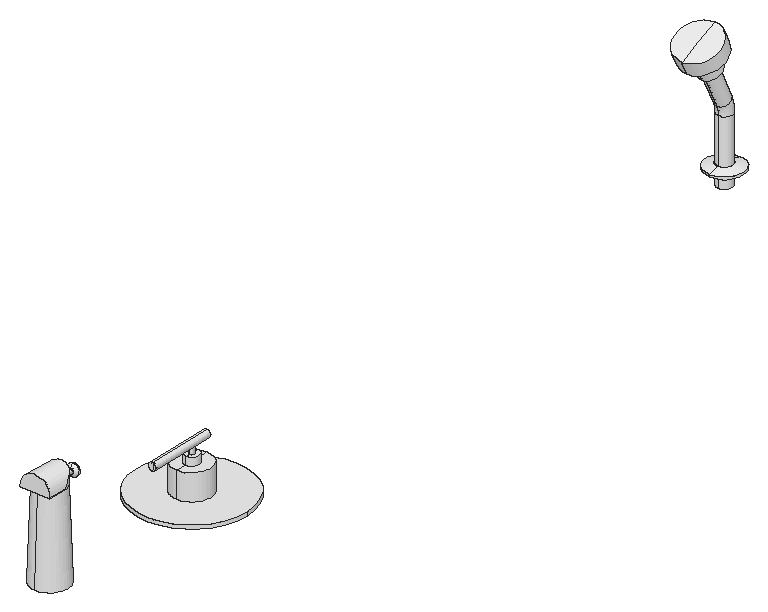
Revit family "Shower_System-Symmons-Dia-Shower-Tub_Spout-Trim", category Plumbing Fixtures, host Face, Revit 2015
Parameters
  z Wide Lever [instance] = if(z Has Wide Lever Handle, 1, 0)  # 0
  z Visibility [instance] = if(z Error, 1 = 0, 1 = 1)  # yes
  z Valve = Shower_System_Valve-Symmons-Dia-Shower-Trim : Rebuild Kit, Chrome
  z Type Model [instance] = if(and(z Has Volume Control, z Has Trim), 5, if(and(z Has Volume Control, or(z Type = 1, z Type = 2)), 6, if(z Has Trim, 2, if(or(z Type = 1, z Type = 2), 3, if(z Has Volume Control, 4, 1)))))  # 3
  z Type Kit = 1
  z Type GPM = 2.5  # constant formula
  z Type Finish = if(or(z Type = 1, z Type = 3), 1, 2)  # 1
  z Type = 1
  z Tub Spout = Faucet-Symmons-Dia-Tub_Spout : Diverter, Chrome
  z Slip On Tub [instance] = if(z Has Slip On Tub Spout, 1, 0)  # 0
  z Showerhead = Showerhead-Symmons-Dia_Single_Mode : Chrome
  z Reverse Core [instance] = if(z Has Reverse Core, 1, 0)  # 0
  z Pipe Radius [instance] = 0.250"  # constant formula
  z Overall Width [instance] = 7.500"  # constant formula
  z Overall Height [instance] = 57.000"  # constant formula
  z Overall Depth [instance] = 9.325"  # constant formula
  z Offset [instance] = 0.000"  # constant formula
  z Integral Service Stops [instance] = if(z Has Integral Service Stops, 1, 0)  # 0
  z Has Wide Lever Handle [instance] = 1 = 0  # no
  z Has Volume Control [instance] = 1 = 0  # no
  z Has Trim = if(z Type Kit = 2, 1 = 1, 1 = 0)  # no
  z Has Slip On Tub Spout [instance] = 1 = 0  # no
  z Has Showerhead [instance] = 1 = 1  # yes
  z Has Reverse Core [instance] = 1 = 0  # no
  z Has Rebuild Kit Trim Only = if(z Type Kit = 1, 1 = 1, 1 = 0)  # yes
  z Has Integral Service Stops [instance] = z Has Reverse Core  # no
  z Has Check Stops [instance] = 1 = 0  # no
  z Has 2.0 GPM Flow Restrictor [instance] = 1 = 0  # no
  z Has 1.5 GPM Flow Restrictor [instance] = 1 = 0  # no
  z Has .5 Inch Female Connections [instance] = 1 = 0  # no
  z GPM Number = 2.5  # constant formula
  z GPM GPM = 1.000 GPM
  z Flow Rate [instance] = if(z Has 2.0 GPM Flow Restrictor, 2, if(z Has 1.5 GPM Flow Restrictor, 1, 0))  # 0
  z Error Box Width [instance] = if(z Error, z Overall Width + 5.000", 0.100")  # 0.100"
  z Error Box Height [instance] = if(z Error, z Overall Height + 5.000", 0.100") / 2  # 0.050"
  z Error Box Depth [instance] = if(z Error, z Overall Depth + 5.000", 0.100")  # 0.100"
  z Error = if(and(z Has Rebuild Kit Trim Only, z Has Trim), 1 = 1, 1 = 0)  # no
  z .5 Inch Female Connections [instance] = if(z Has .5 Inch Female Connections, 1, 0)  # 0
  z  Showerhead [instance] = if(z Has Showerhead, 1, 0)  # 1
  URL = "http://www.symmons.com/"
  Product data url = "https://bimobject.com/symmonsindustries/product/symmons-3502-cyl-b"
  Product Page URL = "http://www.symmons.com/Bathroom-Products/Dia/Symmons-Dia-Tub-Shower-System-3502-CYL-B.aspx"
  Product Material = Chrome - Symmons - Polished
  Product Documentation Link = "http://www.symmons.com/~/media/Files/Symmons/Products/Dia/3502CYLB_Dia_sub.pdf"
  Part Number [instance] = if(z Error, "Error: Rebuild Kit Already Comes With Trim", if(and(z Type = 1, z Has Rebuild Kit Trim Only), "3502-CYL-B-REB-TRM", if(and(z Type = 2, z Has Rebuild Kit Trim Only), "3502-CYL-B-STN-REB-TRM", if(and(z Type = 1, z Has Trim), "3502-CYL-B-TRM", if(and(z Type = 2, z Has Trim), "3502-CYL-B-STN-TRM", if(z Type = 1, "3502-CYL-B", if(z Type = 2, "3502-CYL-B-STN", "Not Available")))))))  # "3502-CYL-B-REB-TRM"
  Part Description [instance] = if(z Error, "Error: Rebuild Kit Already Comes With Trim", if(and(z Type = 1, z Has Rebuild Kit Trim Only), "Tub/Shower Rebuild/Trim, Chrome", if(and(z Type = 2, z Has Rebuild Kit Trim Only), "Tub/Shower Rebuild/Trim, Satin Nickel", if(and(z Type = 1, z Has Trim), "Trim only, mixing valve ordered separately, Chrome", if(and(z Type = 2, z Has Trim), "Trim only, mixing valve ordered separately, Satin Nickel", if(z Type = 1, "Tub/Shower System with Symmons Temptrol mixing valve, Chrome", if(z Type = 2, "Tub/Shower System with Symmons Temptrol mixing valve, Satin Nickel", "Not Available")))))))  # "Tub/Shower Rebuild/Trim, Chrome"
  Model Disclaimer = "Contact Symmons Industries, Inc. For More Information"  # constant formula
  Model = if(z Error, "Error: Rebuild Kit Already Comes With Trim", if(and(z Type = 1, z Has Rebuild Kit Trim Only), "3502-CYL-B-REB-TRM", if(and(z Type = 2, z Has Rebuild Kit Trim Only), "3502-CYL-B-STN-REB-TRM", if(and(z Type = 1, z Has Trim), "3502-CYL-B-TRM", if(and(z Type = 2, z Has Trim), "3502-CYL-B-STN-TRM", if(z Type = 1, "3502-CYL-B", if(z Type = 2, "3502-CYL-B-STN", "Not Available")))))))  # "3502-CYL-B-REB-TRM"
  Manufacturer = "Symmons Industries, Inc."  # constant formula
  Gallons Per Minute = z GPM GPM * z GPM Number  # 2.500 GPM
  Family Version = "1.0"  # constant formula
  Equipment Number [instance] = ""
  Equipment Abbreviation = "TSS"
  Description = if(z Error, "Error: Rebuild Kit Already Comes With Trim", if(and(z Type = 1, z Has Rebuild Kit Trim Only), "Tub/Shower Rebuild/Trim, Chrome", if(and(z Type = 2, z Has Rebuild Kit Trim Only), "Tub/Shower Rebuild/Trim, Satin Nickel", if(and(z Type = 1, z Has Trim), "Trim only, mixing valve ordered separately, Chrome", if(and(z Type = 2, z Has Trim), "Trim only, mixing valve ordered separately, Satin Nickel", if(z Type = 1, "Tub/Shower System with Symmons Temptrol mixing valve, Chrome", if(z Type = 2, "Tub/Shower System with Symmons Temptrol mixing valve, Satin Nickel", "Not Available")))))))  # "Tub/Shower Rebuild/Trim, Chrome"
  Default Elevation = 32.000"  # constant formula
  Date Modified = "January 30, 2015"  # constant formula
  Date Created = "January 30, 2015"  # constant formula
  Copyright = "©2015 Symmons Industries, Inc."  # constant formula
Types (5): name | z Valve | z Type Model | z Type Kit | z Type Finish | z Type | z Tub Spout | z Showerhead | z Has Trim | z Has Rebuild Kit Trim Only | Product Material | Part Number | Part Description | Model | Equipment Abbreviation | Description
  (no name) | Shower_System_Valve-Symmons-Dia-Shower-Trim : Rebuild Kit, Chrome | 3 | 1 | 1 | 1 | Faucet-Symmons-Dia-Tub_Spout : Diverter, Chrome | Showerhead-Symmons-Dia_Single_Mode : Chrome | no | yes | Chrome - Symmons - Polished | "3502-CYL-B-REB-TRM" | "Tub/Shower Rebuild/Trim, Chrome" | "3502-CYL-B-REB-TRM" | "TSS" | "Tub/Shower Rebuild/Trim, Chrome"
  2.5 GPM Flow Restrictor, Trim, Chrome | Shower_System_Valve-Symmons-Dia-Shower-Trim : Trim, Chrome | 2 | 2 | 1 | 1 | Faucet-Symmons-Dia-Tub_Spout : Diverter, Chrome | Showerhead-Symmons-Dia_Single_Mode : Chrome | yes | no | Chrome - Symmons - Polished | "3502-CYL-B-TRM" | "Trim only, mixing valve ordered separately, Chrome" | "3502-CYL-B-TRM" | "TSS" | "Trim only, mixing valve ordered separately, Chrome"
  2.5 GPM Flow Restrictor, Trim, Satin Nickel | Shower_System_Valve-Symmons-Dia-Shower-Trim : Trim, Satin Nickel | 2 | 2 | 2 | 2 | Faucet-Symmons-Dia-Tub_Spout : Diverter, Satin Nickel | Showerhead-Symmons-Dia_Single_Mode : Satin Nickel | yes | no | Nickel - Symmons - Satin | "3502-CYL-B-STN-TRM" | "Trim only, mixing valve ordered separately, Satin Nickel" | "3502-CYL-B-STN-TRM" | "SSV" | "Trim only, mixing valve ordered separately, Satin Nickel"
  2.5 GPM Flow Restrictor, Rebuild Kit, Chrome | Shower_System_Valve-Symmons-Dia-Shower-Trim : Rebuild Kit, Chrome | 3 | 1 | 1 | 1 | Faucet-Symmons-Dia-Tub_Spout : Diverter, Chrome | Showerhead-Symmons-Dia_Single_Mode : Chrome | no | yes | Chrome - Symmons - Polished | "3502-CYL-B-REB-TRM" | "Tub/Shower Rebuild/Trim, Chrome" | "3502-CYL-B-REB-TRM" | "TSS" | "Tub/Shower Rebuild/Trim, Chrome"
  2.5 GPM Flow Restrictor, Rebuild Kit, Satin Nickel | Shower_System_Valve-Symmons-Dia-Shower-Trim : Rebuild Kit, Satin Nickel | 3 | 1 | 2 | 2 | Faucet-Symmons-Dia-Tub_Spout : Diverter, Satin Nickel | Showerhead-Symmons-Dia_Single_Mode : Satin Nickel | no | yes | Nickel - Symmons - Satin | "3502-CYL-B-STN-REB-TRM" | "Tub/Shower Rebuild/Trim, Satin Nickel" | "3502-CYL-B-STN-REB-TRM" | "SSV" | "Tub/Shower Rebuild/Trim, Satin Nickel"
Reference planes (in)
  plane 1 "Center (Front/Back)": y = 0
  plane 2 "Center (Elevation)": z = 0
  plane 3 "Center (Left/Right)": x = 0
  plane 4: x = -3.75
  plane 5: y = 28.5
  plane 6: x = 3.75
  plane 7: z = 0
  plane 8: z = 9.325
  plane 9: y = -12
  plane 10: y = 45
  plane 11: z = 0.1
Dimensions and locks (in)
  equal spacing: plane 4, plane 3 "Center (Left/Right)", plane 6
  "z Overall Width": plane 4 to plane 6
  plane 5 to plane 1 "Center (Front/Back)" = 28.500"
  "z Offset": plane 7 to plane 2 "Center (Elevation)"
  "z Overall Depth": plane 8 to plane 7
  locked: plane 1 "Center (Front/Back)" to plane 9 at 12
  locked: plane 10 to plane 1 "Center (Front/Back)" at 45
  "z Error Box Depth": plane 11 to plane 7
  plane 10 to plane 9 = 57.000"
  aligned and locked: plane 2 "Center (Elevation)" to host face
  aligned and locked: level to host face
  aligned and locked: nested 1 to plane 9
  aligned and locked: plane 3 "Center (Left/Right)" to nested 1
  aligned and locked: nested 2 to plane 10
  aligned and locked: plane 3 "Center (Left/Right)" to nested 2
  aligned and locked: plane 1 "Center (Front/Back)" to nested 3
  aligned and locked: plane 3 "Center (Left/Right)" to nested 3
Automatic sketch dimensions
  host sketch curve to host sketch curve = 7.500"
  host sketch curve to host sketch curve = 66.51414"
Nested families (in)
  nested 1: "Faucet-Symmons-Dia-Tub_Spout" at (0, -12, 0), visible <- "z Visibility", type <- "z Tub Spout", type "Diverter, Chrome"
    with z Radius 0.250", z Overall Width 2.438", z Overall Height 2.438", z Overall Depth 7.000", z Offset 0.000", z Diverter Visibility yes, Part Number "352TS", Part Description "Diverter Tub Spout, Chrome", Equipment Number "", z Type Diverter 1
  nested 2: "Showerhead-Symmons-Dia_Single_Mode" at (0, 45, 0), type <- "z Showerhead", type "Chrome"
    with z Pipe Radius 0.500", z Overall Width 2.500", z Overall Height 2.500", z Overall Depth 7.500", z Offset 1.000", Part Number "352SH-2.0", Part Description "Single Mode Showerhead, 2.0 Flow Rate Restrictor, Chrome", Equipment Number ""
  nested 3: "Shower_System_Valve-Symmons-Dia-Shower-Trim" at (0, 0, 0), type <- "z Valve", type "Rebuild Kit, Chrome"
    with zz Length 9 0.100", zz Length 10 0.100", Part Number "Not Available", Part Description "Not Available", Equipment Number ""
Connectors (in)
  piping at (0, 45, -1), diameter 0.5, driven by "z Pipe Radius", driven by "Gallons Per Minute"
    settings: on nested 2, index 1, connector inside diameter 1/2", connector length 0.000", flow factor 0, pipe flow 2.500 GPM, pressure drop 0.00 psi, fitting loss kfactor 0, connector angle 0.000°, fixture units 0, engagement length 0.000", angle of deflection 0.000°, flow configuration 0, flow direction 1, fitting loss method 0, system type 29, joint type 0, gender type 0, connector reference index -1, connector utility 0, adjustable connector no, is connector primary yes, connector description "Showerhead Water Supply"
  piping at (0, -12, 5.875), diameter 0.5, driven by "Gallons Per Minute", driven by "z Pipe Radius"
    settings: on nested 1, index 2, connector inside diameter 1/2", connector length 0.000", flow factor 0, pipe flow 2.500 GPM, pressure drop 0.00 psi, fitting loss kfactor 0, connector angle 0.000°, fixture units 0, engagement length 0.000", angle of deflection 0.000°, flow configuration 0, flow direction 1, fitting loss method 0, system type 29, joint type 0, gender type 0, connector reference index -1, connector utility 0, adjustable connector no, is connector primary no, connector description "Tub Spout Supply"
Definition of nested family "Faucet-Symmons-Dia-Tub_Spout"
  Parameters
    z Type Diverter = 0
    z Type = 1
    z Radius [instance] = 0.250"  # constant formula
    z Overall Width [instance] = 2.438"  # constant formula
    z Overall Height [instance] = 2.438"  # constant formula
    z Overall Depth [instance] = 7.000"  # constant formula
    z Offset [instance] = 0.000"  # constant formula
    z Diverter Visibility [instance] = z Type Diverter = 1  # no
    URL = "http://www.symmons.com/"
    Product Page URL = "http://www.symmons.com/Bathroom-Products/Symmons/Symmons-Tub-Spout-067.aspx"
    Product Material = none
    Product Documentation Link = "http://www.symmons.com/~/media/Files/Symmons/Products/Symmons/067_TubSpout_sub.pdf"
    Part Number [instance] = if(and(z Type = 1, z Type Diverter = 0), "067", if(and(z Type = 2, z Type Diverter = 0), "067-STN", if(and(z Type = 1, z Type Diverter = 1), "352TS", if(and(z Type = 2, z Type Diverter = 1), "352TS-STN", "Not Available"))))  # "067"
    Part Description [instance] = if(and(z Type = 1, z Type Diverter = 0), "Tub Spout, Chrome", if(and(z Type = 2, z Type Diverter = 0), "Tub Spout, Satin Nickel", if(and(z Type = 1, z Type Diverter = 1), "Diverter Tub Spout, Chrome", if(and(z Type = 2, z Type Diverter = 1), "Diverter Tub Spout, Satin Nickel", "Not Available"))))  # "Tub Spout, Chrome"
    Model Disclaimer = "Contact Symmons Industries, Inc. For More Information"  # constant formula
    Model = "See Part Number "  # constant formula
    Manufacturer = "Symmons Industries, Inc."  # constant formula
    Family Version = "1.0"  # constant formula
    Equipment Number [instance] = ""
    Equipment Abbreviation = "DTS"
    Description = "See Part Description"  # constant formula
    Default Elevation = 20.000"  # constant formula
    Date Modified = "January 30, 2015"  # constant formula
    Date Created = "January 30, 2015"  # constant formula
    Copyright = "©2015 Symmons Industries, Inc."  # constant formula
  Reference planes (in)
    plane 1 "Center (Front/Back)": y = 0
    plane 2 "Center (Elevation)": z = 0
    plane 3 "Center (Left/Right)": x = 0
    plane 4 "Left": x = -1.219
    plane 5 "Top": y = 1.219
    plane 6 "Bottom": y = -1.219
    plane 7 "Right": x = 1.219
    plane 8: z = 0
    plane 9 "Front": z = 7
    plane 10: z = 6.25
    plane 11: z = 5.875
    plane 12: z = 5.375
  Forms (in)
    Extrusion 1, solid
      sketch origin (0, 0, 0) x (1, 0, 0) y (0, 1, 0)
        loop
          line (-12, 12) -> (-12, -12) -> (12, -12) -> (12, 12) -> (-12, 12)
      from 0 to -1
    SweptBlend 2, solid, material <- "Product Material"
      path origin (0, 0, 0) x (0, 1, 0) y (0, 0, 1)
        loop
          line (0, 0) -> (0, 6.25)
      profile origin (0, 0, 0) x (0, -1, 0) y (1, 0, 0)
        loop
          circle (0, 0) r 1.219
      end profile origin (0, 0, 6.25) x (0, -1, 0) y (1, 0, 0)
        loop
          circle (0, 0) r 1
    Extrusion 3, solid, material <- "Product Material"
      sketch origin (0, 0, 0) x (0, 1, 0) y (0, 0, 1)
        loop
          line (-1.219, 7) -> (-1.219, 5.875) -> (1.219, 5.875) -> (1.219, 7) -> (-1.219, 7)
      from -1.219 to 1.219
    Extrusion 4, void
      sketch origin (0, 0, 0) x (1, 0, 0) y (0, 1, 0)
        loop
          line (-1.01314, 0) -> (-1.01314, -1.25) -> (1.01314, -1.25) -> (1.01314, 0)
          arc (1.01314, 0) -> (0.7164, 0.7164) -> (0, 1.01314) r 1.01314
          arc (0, 1.01314) -> (-0.7164, 0.7164) -> (-1.01314, 0) r 1.01314
        loop
          line (-1.94867, 1.48095) -> (-1.94867, -1.81086) -> (2.0856, -1.81086) -> (2.0856, 1.48095) -> (-1.94867, 1.48095)
      from 0 to 7
    Blend 5, void
      base sketch origin (0, 0, 0) x (1, 0, 0) y (0, 0, 1)
        loop
          arc (-1.01314, 5.97492) -> (0, 6.98806) -> (1.01314, 5.97492) r 1.01314
          line (1.01314, 5.97492) -> (1.219, 5.97492) -> (1.219, 7.22492) -> (-1.219, 7.22492) -> (-1.219, 5.97492) -> (-1.01314, 5.97492)
      top sketch origin (0, 0, 0) x (1, 0, 0) y (0, 0, 1)
        loop
          arc (-1.01314, 5.875) -> (0, 6.88814) -> (1.01314, 5.875) r 1.01314
          line (1.01314, 5.875) -> (1.32482, 5.875) -> (1.32482, 7.44919) -> (-1.32829, 7.44919) -> (-1.32829, 5.875) -> (-1.01314, 5.875)
      from 1.25 to -1.219
    Extrusion 6, void
      sketch origin (0, 0, 0) x (1, 0, 0) y (0, 1, 0)
        loop
          circle (0, 0) r 0.95
      from 0 to 5.875
    Extrusion 7, solid, material <- "Product Material", not visible, detail levels medium
      sketch origin (0, 0, 0) x (1, 0, 0) y (0, 1, 0)
        loop
          circle (0, 0) r 0.25
      from 5.375 to 5.875
    Revolve 8, solid, material <- "Product Material", visible <- "z Diverter Visibility"
      sketch origin (0, 0, 0) x (0, 1, 0) y (0, 0, 1)
        loop
          line (0, 5.875) -> (2.15804, 5.875)
          arc (2.15804, 5.875) -> (2.1489, 6.05368) -> (2.09464, 6.22416) r 0.69786
          arc (2.09464, 6.22416) -> (2.04241, 6.27062) -> (1.97277, 6.26454) r 0.08828
          arc (1.97277, 6.26454) -> (1.86354, 6.18526) -> (1.77914, 6.07992) r 0.50619
          arc (1.77914, 6.07992) -> (1.76476, 6.04125) -> (1.76539, 6) r 0.11172
          line (1.76539, 6) -> (0, 6) -> (0, 5.875)
        axis (0, 5.875) -> (2.15804, 5.875)
      angle from 0 to 360
  Cuts and joins
    Blend 5, Extrusion 6 cuts SweptBlend 2
    Extrusion 4, Blend 5 cuts Extrusion 3
    joined: SweptBlend 2, Extrusion 3
  Lines and regions (in)
    Masking region 1
      outline origin (0, 0, 0) x (1, 0, 0) y (0, 0, 1)
        loop
          line (-1.01319, 5.99165) -> (-1.219, 0) -> (1.219, 0) -> (1.01319, 5.97989)
          arc (1.01319, 5.97989) -> (0.00588, 6.99845) -> (-1.01319, 5.99165) r 1.01321
    Masking region 2, visible <- "z Diverter Visibility", detail levels fine
      outline origin (-60, 1.219, 48) x (-1, 0, 0) y (0, 0, 1)
        loop
          circle (-60, -42.125) r 0.41547
  Dimensions and locks (in)
    equal spacing: plane 4 "Left", plane 3 "Center (Left/Right)", plane 7 "Right"
    "z Overall Width": plane 4 "Left" to plane 7 "Right"
    equal spacing: plane 5 "Top", plane 1 "Center (Front/Back)", plane 6 "Bottom"
    "z Overall Height": plane 5 "Top" to plane 6 "Bottom"
    "z Offset": plane 8 to plane 2 "Center (Elevation)"
    "z Overall Depth": plane 9 "Front" to plane 8
    locked: plane 9 "Front" to plane 10 at 0.75
    locked: Extrusion 3 sketch curve to plane 9 "Front" at 1.125
    locked: plane 11 to plane 8 at 5.875
    locked: plane 11 to plane 12 at 0.5
    Revolve 8 sketch curve to plane 11 to Revolve 8 sketch curve to Revolve 8 sketch curve to Revolve 8 sketch curve to Revolve 8 sketch curve = 0.0561" locked, 0.05401" locked, 0.07099" locked, 0.02231" locked, 0.16451" locked
    locked: Masking region 1 sketch curve to plane 11 at 0.11026
    locked: Masking region 1 sketch curve to plane 3 "Center (Left/Right)" at 1.01319
    locked: plane 3 "Center (Left/Right)" to Masking region 1 sketch curve at 1.01319
    locked: plane 9 "Front" to Masking region 1 sketch curve at 1.02011
    locked: plane 9 "Front" to Masking region 1 sketch curve at 1.00835
    radius of Masking region 2 sketch curve = 0.41547"
    aligned and locked: plane 2 "Center (Elevation)" to Extrusion 1
    aligned and locked: level to Extrusion 1
    aligned and locked: plane 1 "Center (Front/Back)" to SweptBlend 2 sketch curve  (x2)
    aligned and locked: plane 3 "Center (Left/Right)" to SweptBlend 2 sketch curve  (x2)
    aligned and locked: plane 10 to SweptBlend 2 sketch curve
    aligned and locked: SweptBlend 2 sketch curve to plane 1 "Center (Front/Back)"
    aligned and locked: plane 7 "Right" to Extrusion 3
    aligned and locked: Extrusion 3 to plane 4 "Left"
    aligned and locked: plane 9 "Front" to Extrusion 4
    aligned and locked: Extrusion 4 to plane 8
    aligned and locked: plane 9 "Front" to Extrusion 3 sketch curve
    aligned and locked: cut or joined group of SweptBlend 2, Extrusion 3, Extrusion 4, Blend 5, Extrusion 6 to plane 6 "Bottom"
    aligned and locked: plane 5 "Top" to Extrusion 3
    aligned and locked: plane 5 "Top" to Blend 5
    aligned and locked: plane 1 "Center (Front/Back)" to Extrusion 6 sketch curve
    aligned and locked: plane 3 "Center (Left/Right)" to Extrusion 6 sketch curve
    aligned and locked: Extrusion 6 to plane 8
    aligned and locked: plane 11 to Extrusion 6
    aligned and locked: plane 1 "Center (Front/Back)" to Extrusion 7 sketch curve
    aligned and locked: plane 3 "Center (Left/Right)" to Extrusion 7 sketch curve
    aligned and locked: plane 11 to Extrusion 7
    aligned and locked: Extrusion 7 to plane 12
    aligned and locked: Revolve 8 sketch curve to plane 11
    aligned and locked: plane 11 to Revolve 8 sketch curve
    aligned and locked: Revolve 8 sketch curve to plane 1 "Center (Front/Back)"
    aligned and locked: plane 8 to Masking region 1 sketch curve
    aligned and locked: Masking region 1 sketch curve to plane 8
    aligned and locked: plane 11 to Masking region 2 sketch curve
    aligned and locked: plane 3 "Center (Left/Right)" to Masking region 2 sketch curve
  Automatic sketch dimensions
    Extrusion 1 sketch curve to Extrusion 1 sketch curve = 24.000"  (x2)
    SweptBlend 2 sketch curve to plane 8 = 0.000"
    Extrusion 4 sketch curve to Extrusion 4 sketch curve = 0.000"  (x2)
    plane 1 "Center (Front/Back)" to Extrusion 4 sketch curve = 0.000"
    Extrusion 4 sketch curve to plane 3 "Center (Left/Right)" = 0.000"
    plane 4 "Left" to Extrusion 4 sketch curve = 0.20586"
    Extrusion 4 sketch curve to plane 4 "Left" = 0.72967"
    plane 7 "Right" to Extrusion 4 sketch curve = 0.8666"
    plane 1 "Center (Front/Back)" to Extrusion 4 sketch curve = 1.250"
    Extrusion 4 sketch curve to Extrusion 4 sketch curve = 0.56086"
    Extrusion 4 sketch curve to plane 1 "Center (Front/Back)" = 1.48095"
    Blend 5 sketch curve to plane 4 "Left" = 0.000"
    Blend 5 sketch curve to plane 3 "Center (Left/Right)" = 0.000"  (x2)
    Blend 5 sketch curve to plane 7 "Right" = 0.000"
    plane 4 "Left" to Blend 5 sketch curve = 0.20586"  (x2)
    Blend 5 sketch curve to plane 9 "Front" = 1.02508"
    plane 9 "Front" to Blend 5 sketch curve = 0.22492"
    Blend 5 sketch curve to plane 4 "Left" = 0.10929"
    plane 7 "Right" to Blend 5 sketch curve = 0.10582"
    Blend 5 sketch curve to plane 9 "Front" = 1.125"
    plane 9 "Front" to Blend 5 sketch curve = 0.44919"
    plane 1 "Center (Front/Back)" to Extrusion 3 sketch curve = 1.219"
    Extrusion 3 sketch curve to plane 1 "Center (Front/Back)" = 1.219"
    Revolve 8 sketch curve to plane 6 "Bottom" = 2.250"
    plane 5 "Top" to Revolve 8 sketch curve = 0.24327"
    Revolve 8 sketch curve to Revolve 8 sketch curve = 0.30312"
    Revolve 8 sketch curve to Revolve 8 sketch curve = 0.01375"
    Revolve 8 sketch curve to Revolve 8 sketch curve = 0.000"  (x3)
    Revolve 8 sketch curve to Revolve 8 sketch curve = 0.09572"
    Revolve 8 sketch curve to Revolve 8 sketch curve = 0.09792"
    Revolve 8 sketch curve to Revolve 8 sketch curve = 4.31816"
    Masking region 1 sketch curve to plane 4 "Left" = 0.000"
    Masking region 1 sketch curve to plane 7 "Right" = 0.000"
    radius of SweptBlend 2 sketch curve = 1.219"
    radius of SweptBlend 2 sketch curve = 1.000"
    radius of Extrusion 6 sketch curve = 0.950"
    radius of Extrusion 7 sketch curve = 0.250"
  Connectors (in)
    piping at (0, 0, 5.375), diameter 0.5, driven by "z Radius"
      settings: on Extrusion 7, index 1, connector inside diameter 1/2", connector length 0.000", flow factor 0, pipe flow 0.000 GPM, pressure drop 0.00 psi, fitting loss kfactor 0, connector angle 0.000°, fixture units 0, engagement length 0.000", angle of deflection 0.000°, flow configuration 0, flow direction 0, fitting loss method 0, system type 20, joint type 0, gender type 0, connector reference index -1, connector utility 0, adjustable connector no, is connector primary yes, connector description "Water Supply"
Definition of nested family "Showerhead-Symmons-Dia_Single_Mode"
  Parameters
    z Type GPM = 2
    z Type Flow Restrictor = 1
    z Type Finish = 1
    z Pipe Radius [instance] = 0.500"  # constant formula
    z Overall Width [instance] = 2.500"  # constant formula
    z Overall Height [instance] = 2.500"  # constant formula
    z Overall Depth [instance] = 7.500"  # constant formula
    z Offset [instance] = 1.000"  # constant formula
    z GPM Number = z Type GPM  # 2
    z GPM GPM = 1.000 GPM
    URL = "http://www.symmons.com/"
    Product Page URL = "http://www.symmons.com/Bathroom-Products/Duro/Symmons-Duro-Showerhead-362SH.aspx"
    Product Material = none
    Product Documentation Link = ""
    Part Number [instance] = Model  # "352SH-2.0"
    Part Description [instance] = Description  # "Single Mode Showerhead, 2.0 Flow Rate Restrictor, Chrome"
    Model Disclaimer = "Contact Symmons Industries, Inc. For More Information"  # constant formula
    Model = if(and(z Type Finish = 1, z Type Flow Restrictor = 1), "352SH-2.0", if(and(z Type Finish = 2, z Type Flow Restrictor = 1), "352SH-STN-2.0", if(and(z Type Finish = 3, z Type Flow Restrictor = 0), "352SH", if(and(z Type Finish = 4, z Type Flow Restrictor = 0), "352SH-STN", "Not Available"))))  # "352SH-2.0"
    Manufacturer = "Symmons Industries, Inc."  # constant formula
    Gallons Per Minute = z GPM GPM * z GPM Number  # 2.000 GPM
    Family Version = "1.0"  # constant formula
    Equipment Number [instance] = ""
    Equipment Abbreviation = "SH"
    Description = if(and(z Type Finish = 1, z Type Flow Restrictor = 1), "Single Mode Showerhead, 2.0 Flow Rate Restrictor, Chrome", if(and(z Type Finish = 2, z Type Flow Restrictor = 1), "Single Mode Showerhead, 2.0 Flow Rate Restrictor, Satin Nickel", if(and(z Type Finish = 3, z Type Flow Restrictor = 0), "Single Mode Showerhead, Chrome", if(and(z Type Finish = 4, z Type Flow Restrictor = 0), "Single Mode Showerhead, Satin Nickel", "Not Available"))))  # "Single Mode Showerhead, 2.0 Flow Rate Restrictor, Chrome"
    Default Elevation = 77.000"  # constant formula
    Date Modified = "January 30, 2015"  # constant formula
    Date Created = "January 30, 2015"  # constant formula
    Copyright = "©2015 Symmons Industries, Inc."  # constant formula
  Reference planes (in)
    plane 1 "Center (Front/Back)": y = 0
    plane 2 "Center (Elevation)": z = 0
    plane 3 "Center (Left/Right)": x = 0
    plane 4: x = -1.25
    plane 5: y = 1.25
    plane 6: y = -1.25
    plane 7: x = 1.25
    plane 8: z = -1
    plane 9: z = 6.5
    plane 10: z = 0
    plane 11: y = -0.5
    plane 12: z = 0.33234
    plane 13: z = 0.15
    plane 14: y = -0.5695
  Forms (in)
    Extrusion 1, solid
      sketch origin (0, 0, 0) x (1, 0, 0) y (0, 1, 0)
        loop
          line (-12, 12) -> (-12, -12) -> (12, -12) -> (12, 12) -> (-12, 12)
      from 0 to -1
    Revolve 2, solid, material <- "Product Material"
      sketch origin (0, 0, 0) x (0, 1, 0) y (0, 0, 1)
        loop
          line (-0.5, -1) -> (0, -1) -> (0, 0.33234) -> (-0.5695, 0.33234) -> (-1.25, 0.15) -> (-1.25, 0) -> (-0.5, 0) -> (-0.5, -1)
        axis (0, -1) -> (0, 0.33234)
      angle from 0 to 360
    Sweep 3, solid, material <- "Product Material"
      path origin (0, 0, 0) x (0, 1, 0) y (0, 0, 1)
        loop
          line (0, 0.33234) -> (0, 3.38992)
          arc (0, 3.38992) -> (-0.04792, 3.8251) -> (-0.18938, 4.23943) r 2
          line (-0.18938, 4.23943) -> (-1.25, 6.5)
      profile origin (0, 0, 1.86113) x (0, -1, 0) y (1, 0, 0)
        loop
          circle (0, 0) r 0.5
    Revolve 4, solid, material <- "Product Material"
      sketch origin (0, 0, 0) x (0, 1, 0) y (0, 0, 1)
        loop
          line (-1.25, 6.5) -> (-2.22949, 8.58767) -> (-3.58746, 7.95053) -> (-3.17663, 7.07491) -> (-2.24755, 6.86042) -> (-1.92898, 6.18143) -> (-1.25, 6.5)
        axis (-1.25, 6.5) -> (-2.22949, 8.58767)
      angle from 0 to 360
  Cuts and joins
    joined: Revolve 2, Sweep 3
  Lines and regions (in)
    Masking region 1
      outline origin (0, 0, 0) x (1, 0, 0) y (0, 0, 1)
        loop
          line (-1.25, 0) -> (-0.5, 0) -> (-0.5, -1) -> (0.5, -1) -> (0.5, 0) -> (1.25, 0) -> (1.25, 0.14959) -> (0.5695, 0.33234) -> (0.5, 0.33234) -> (0.5, 6.26256)
          spline (0.5, 6.26256) -> (0.53792, 6.27801) -> (0.5732, 6.29456) -> (0.60567, 6.31211) -> (0.63516, 6.33059) -> (0.66153, 6.3499) -> (0.68465, 6.36995) -> (0.70441, 6.39063) -> (0.72072, 6.41185) -> (0.73348, 6.43351) -> (0.74264, 6.45549) -> (0.74816, 6.47769) -> (0.75, 6.5)
          line (0.75, 6.5) -> (0.75, 7.07479) -> (1.25, 7.36347) -> (1.49591, 7.60938) -> (1.49591, 8.60938)
          spline (1.49591, 8.60938) -> (1.44494, 8.76866) -> (1.2955, 8.91709) -> (1.05777, 9.04454) -> (0.74795, 9.14235) -> (0.38717, 9.20383) -> (0, 9.2248) -> (-0.38717, 9.20383) -> (-0.74795, 9.14235) -> (-1.05777, 9.04454) -> (-1.2955, 8.91709) -> (-1.44494, 8.76866) -> (-1.49591, 8.60938)
          line (-1.49591, 8.60938) -> (-1.49591, 7.60938) -> (-1.25, 7.36347) -> (-0.75, 7.07479) -> (-0.75, 6.5)
          spline (-0.75, 6.5) -> (-0.74816, 6.47769) -> (-0.74264, 6.45549) -> (-0.73348, 6.43351) -> (-0.72072, 6.41185) -> (-0.70441, 6.39063) -> (-0.68465, 6.36995) -> (-0.66153, 6.3499) -> (-0.63516, 6.33059) -> (-0.60567, 6.31211) -> (-0.5732, 6.29456) -> (-0.53792, 6.27801) -> (-0.5, 6.26256)
          line (-0.5, 6.26256) -> (-0.5, 0.33234) -> (-0.5695, 0.33234) -> (-1.25, 0.14959) -> (-1.25, 0)
    symbolic lines, detail levels fine
      curve 1: line (-0.5, 0, 0.33234) -> (0.5, 0, 0.33234)
      curve 2: line (-1.25, 0, 0.14959) -> (1.25, 0, 0.14959)
      curve 3: spline (-0.5, 0, 6.26256) -> (-0.67885, 0, 6.36457) -> (-0.74948, 0, 6.48818) -> (-0.70063, 0, 6.61367) -> (-0.54008, 0, 6.72104) -> (-0.29343, 0, 6.79317) -> (0, 0, 6.81857) -> (0.29343, 0, 6.79317) -> (0.54008, 0, 6.72104) -> (0.70063, 0, 6.61367) -> (0.74948, 0, 6.48818) -> (0.67885, 0, 6.36457) -> (0.5, 0, 6.26256)
      curve 4: spline (-1.49591, 1.25, 7.60938) -> (-1.44494, 1.25, 7.80085) -> (-1.2955, 1.25, 7.97927) -> (-1.05777, 1.25, 8.13249) -> (-0.74795, 1.25, 8.25006) -> (-0.38717, 1.25, 8.32397) -> (0, 1.25, 8.34917) -> (0.38717, 1.25, 8.32397) -> (0.74795, 1.25, 8.25006) -> (1.05777, 1.25, 8.13249) -> (1.2955, 1.25, 7.97927) -> (1.44494, 1.25, 7.80085) -> (1.49591, 1.25, 7.60938)
      curve 5: spline (-0.5, 1.25, 6.5) -> (-0.48296, 1.25, 6.55497) -> (-0.43301, 1.25, 6.60619) -> (-0.35355, 1.25, 6.65017) -> (-0.25, 1.25, 6.68392) -> (-0.12941, 1.25, 6.70514) -> (0, 1.25, 6.71238) -> (0.12941, 1.25, 6.70514) -> (0.25, 1.25, 6.68392) -> (0.35355, 1.25, 6.65017) -> (0.43301, 1.25, 6.60619) -> (0.48296, 1.25, 6.55497) -> (0.5, 1.25, 6.5)
      curve 6: line (-0.5, 1.25, 6.5) -> (-0.5, 1.25, 6.26256)
      curve 7: line (0.5, 1.25, 6.5) -> (0.5, 1.25, 6.26256)
  Dimensions and locks (in)
    equal spacing: plane 4, plane 3 "Center (Left/Right)", plane 7
    "z Overall Width": plane 4 to plane 7
    equal spacing: plane 5, plane 1 "Center (Front/Back)", plane 6
    "z Overall Height": plane 5 to plane 6
    "z Overall Depth": plane 9 to plane 8
    plane 12 to plane 13 to plane 10 to plane 8 = 0.18234" locked, 0.150" locked, 1.000" locked
    plane 6 to plane 14 to plane 11 = 0.6805" locked, 0.0695" locked
    plane 9 to Revolve 4 sketch curve to Revolve 4 sketch curve to Revolve 4 sketch curve to Revolve 4 sketch curve = 0.53094" locked, 0.750" locked, 0.58882" locked, 0.96721" locked
    "z Offset": plane 2 "Center (Elevation)" to plane 8
    Masking region 1 sketch curve to Masking region 1 sketch curve to Masking region 1 sketch curve to Masking region 1 sketch curve to Masking region 1 sketch curve to plane 3 "Center (Left/Right)" to Masking region 1 sketch curve to Masking region 1 sketch curve to Masking region 1 sketch curve to Masking region 1 sketch curve to Masking region 1 sketch curve = 0.74591" locked, 0.1805" locked, 0.0695" locked, 0.000" locked, 0.500" locked, 0.500" locked, 0.000" locked, 0.0695" locked, 0.1805" locked, 0.74591" locked
    Masking region 1 sketch curve to Masking region 1 sketch curve to plane 2 "Center (Elevation)" = 0.000" locked, 0.33234" locked
    plane 9 to Revolve 4 sketch curve to Revolve 4 sketch curve = 1.13164" locked, 0.750" locked
    locked: Revolve 4 sketch curve to Revolve 4 sketch curve at 1.5
    locked: curve 2 to plane 8 at 1.14959
    equal spacing: curve 1, plane 3 "Center (Left/Right)", curve 1
    locked: curve 1 to curve 1 at 1
    locked: curve 1 to plane 8 at 1.33234
    equal spacing: curve 3, plane 3 "Center (Left/Right)", curve 3
    locked: curve 3 to curve 3 at 1
    locked: curve 4 to plane 9 at 1.10938
    equal spacing: curve 4, plane 3 "Center (Left/Right)", curve 4
    locked: curve 4 to curve 4 at 2.99182
    curve 4 to curve 4 to plane 9 = 0.000" locked, 1.10938" locked
    Masking region 1 sketch curve to plane 9 to Masking region 1 sketch curve to Masking region 1 sketch curve to Masking region 1 sketch curve = 0.000" locked, 0.000" locked, 0.23744" locked, 0.000" locked
    plane 9 to curve 6 to curve 7 = 0.23744" locked, 0.000" locked
    aligned and locked: plane 2 "Center (Elevation)" to Extrusion 1
    aligned and locked: level to Extrusion 1
    aligned and locked: Revolve 2 sketch curve to plane 1 "Center (Front/Back)"  (x2)
    aligned and locked: plane 10 to Revolve 2 sketch curve
    aligned and locked: plane 6 to Revolve 2 sketch curve  (x2)
    aligned and locked: Revolve 2 sketch curve to plane 12
    aligned and locked: Revolve 2 sketch curve to plane 8
    aligned and locked: Revolve 2 sketch curve to plane 11
    aligned and locked: plane 13 to Revolve 2 sketch curve
    aligned and locked: Revolve 2 sketch curve to plane 14
    aligned and locked: plane 1 "Center (Front/Back)" to Sweep 3 sketch curve
    aligned and locked: plane 3 "Center (Left/Right)" to Sweep 3 sketch curve
    aligned and locked: Masking region 1 sketch curve to plane 8
    aligned and locked: Masking region 1 sketch curve to plane 2 "Center (Elevation)"  (x2)
    aligned and locked: plane 7 to curve 2
    aligned and locked: plane 4 to curve 2
    aligned and locked: plane 9 to Masking region 1 sketch curve  (x2)
    aligned and locked: plane 3 "Center (Left/Right)" to Masking region 1 sketch curve  (x2)
    aligned and locked: plane 9 to curve 5  (x2)
    aligned and locked: plane 3 "Center (Left/Right)" to curve 5
    aligned and locked: plane 9 to curve 6
  Automatic sketch dimensions
    Extrusion 1 sketch curve to Extrusion 1 sketch curve = 24.000"  (x2)
    Revolve 2 sketch curve to level = 24.000"
    plane 9 to Revolve 2 sketch curve = 79.77586"
    Sweep 3 sketch curve to plane 6 = 0.000"
    Sweep 3 sketch curve to plane 1 "Center (Front/Back)" = 0.000"
    Sweep 3 sketch curve to plane 9 = 0.000"
    Sweep 3 sketch curve to plane 6 = 0.750"
    plane 1 "Center (Front/Back)" to Sweep 3 sketch curve = 0.18938"
    Sweep 3 sketch curve to plane 9 = 2.26057"
    plane 8 to Sweep 3 sketch curve = 1.33234"
    Revolve 4 sketch curve to plane 6 = 0.000"
    Revolve 4 sketch curve to plane 9 = 0.000"  (x2)
    Revolve 4 sketch curve to plane 6 = 1.80521"
    Revolve 4 sketch curve to Revolve 4 sketch curve = 1.7599"
    Masking region 1 sketch curve to plane 4 = 0.000"  (x2)
    Masking region 1 sketch curve to plane 7 = 0.000"  (x2)
    Masking region 1 sketch curve to Masking region 1 sketch curve = 0.14959"  (x2)
    Masking region 1 sketch curve to Masking region 1 sketch curve = 0.57479"  (x2)
    Masking region 1 sketch curve to Masking region 1 sketch curve = 0.28868"  (x2)
    Masking region 1 sketch curve to Masking region 1 sketch curve = 0.24591"  (x2)
    Masking region 1 sketch curve to Masking region 1 sketch curve = 1.000"
    curve 3 to plane 9 = 0.000"
    curve 3 to plane 3 "Center (Left/Right)" = 0.000"
    curve 3 to curve 3 = 0.250"
    curve 5 to curve 5 = 0.500"
    curve 3 to plane 9 = 0.23744"
    radius of Sweep 3 sketch curve = 0.500"
  Connectors (in)
    piping at (0, 0, -1), diameter 1, driven by "z Pipe Radius", driven by "Gallons Per Minute"
      settings: on Revolve 2, index 1, connector inside diameter 1", connector length 0.000", flow factor 0, pipe flow 2.000 GPM, pressure drop 0.00 psi, fitting loss kfactor 0, connector angle 0.000°, fixture units 0, engagement length 0.000", angle of deflection 0.000°, flow configuration 0, flow direction 1, fitting loss method 0, system type 22, joint type 0, gender type 0, connector reference index -1, connector utility 0, adjustable connector no, is connector primary yes, connector description "Shower Head Water Supply"
Definition of nested family "Shower_System_Valve-Symmons-Dia-Shower-Trim"
  Parameters
    zz Text 2 = "None Selected"
    zz Text 1 = "Rebuild Kit Trim Only"
    zz Length 9 [instance] = 0.100"
    zz Length 10 [instance] = 0.100"
    zz Integer 12 = 1
    URL = "http://www.symmons.com/"
    Product Page URL = "http://www.symmons.com/Bathroom-Products/Dia/Symmons-Dia-Shower-Valve-3500-CYL-B.aspx"
    Product Material = none
    Product Documentation Link = "http://www.symmons.com/~/media/Files/Symmons/Products/Dia/3500CYL_Dia_sub.pdf"
    Part Number [instance] = "3500-CYL-B-REB-TRM"
    Part Description [instance] = "Rebuild kit, Trim only, Chrome"
    Model Disclaimer = "Contact Symmons Industries, Inc. For More Information"  # constant formula
    Model = "See Part Number"  # constant formula
    Manufacturer = "Symmons Industries, Inc."  # constant formula
    Family Version = "1.0"  # constant formula
    Equipment Number [instance] = ""
    Equipment Abbreviation = "SVS"
    Description = "See Part Description"  # constant formula
    Default Elevation = 32.000"  # constant formula
    Date Modified = "January 30, 2015"  # constant formula
    Date Created = "January 30, 2015"  # constant formula
    Copyright = "©2015 Symmons Industries, Inc."  # constant formula
  Reference planes (in)
    plane 1 "Center (Front/Back)": y = 0
    plane 2 "Center (Elevation)": z = 0
    plane 3 "Center (Left/Right)": x = 0
    plane 4: x = -3.75
    plane 5: y = 3.75
    plane 6: y = -3.75
    plane 7: x = 3.75
    plane 8: z = -3.5
    plane 9: z = 3.375
    plane 10: z = 0
    plane 11: z = 0.25
    plane 12: x = 0.28006
    plane 13: x = -0.28006
    plane 14: z = -2.375
    plane 15: y = -5.75
    plane 16: x = -0.05
    plane 17: y = 0.05
    plane 18: x = 0.05
    plane 19: y = -0.05
    plane 20: z = 0.1
    plane 21: z = 2.875
    plane 22: z = 2.5
    plane 23: z = 2
    plane 24: z = -1.30783
    plane 25: z = -0.80783
    plane 26: z = -0.56163
    plane 27: z = -0.25
    plane 28: z = 3.125
  Forms (in)
    Extrusion 1, solid
      sketch origin (0, 0, 0) x (1, 0, 0) y (0, 1, 0)
        loop
          line (-2, 2) -> (-2, -2) -> (2, -2) -> (2, 2) -> (-2, 2)
      from 0 to -0.25
    Extrusion 2, solid, material <- "Product Material"
      sketch origin (0, 0, 0) x (1, 0, 0) y (0, 1, 0)
        loop
          circle (0, 0) r 3.75
      from 0 to 0.25
    Extrusion 3, solid, material <- "Product Material", not visible
      sketch origin (-0.88388, -0.54836, 0) x (-0.707107, 0.707107, 0) y (0, 0, 1)
        loop
          line (-1.25, 0.25) -> (-1.25, 0.75) -> (-3.08292, 0.75) -> (-3.08292, 0.64028) -> (-1.64776, 0.64028) -> (-1.64776, 0.25) -> (-1.25, 0.25)
      from -0.28006 to 0.28006
    Revolve 4, solid, material <- "Product Material"
      sketch origin (0, 0, 0) x (0, 1, 0) y (0, 0, 1)
        loop
          line (-1.25, 0.25) -> (0, 0.25) -> (0, 2.5) -> (-0.5, 2.5) -> (-0.5, 2) -> (-1.25, 2) -> (-1.25, 0.25)
        axis (0, 2.5) -> (0, 0.25)
      angle from 0 to 360
    Extrusion 5, solid, not visible
      sketch origin (0, 0, 0) x (1, 0, 0) y (0, 1, 0)
        loop
          line (-0.05, 0.05) -> (-0.05, -0.05) -> (0.05, -0.05) -> (0.05, 0.05) -> (-0.05, 0.05)
      from 0 to 0.1
    Revolve 6, solid, material <- "Product Material"
      sketch origin (0, 0, 0) x (0, 1, 0) y (0, 0, 1)
        loop
          line (0, 2.5) -> (0, 3.09917) -> (-0.15, 3.09917) -> (-0.15, 2.5) -> (0, 2.5)
        axis (0, 2.5) -> (0, 3.09917)
      angle from 0 to 360
    Revolve 7, solid, material <- "Product Material"
      sketch origin (0, 0, 0) x (0, 1, 0) y (0, 0, 1)
        loop
          line (1.25, 3.125) -> (1.25, 3.375) -> (-3.30959, 3.375) -> (-3.30959, 3.125) -> (1.25, 3.125)
        axis (-3.30959, 3.125) -> (1.25, 3.125)
      angle from 0 to 360
  Cuts and joins
    joined: Extrusion 2, Revolve 4, Revolve 6, Revolve 7
  Lines and regions (in)
    Masking region 1
      outline origin (0, 0, 0) x (1, 0, 0) y (0, 0, 1)
        loop
          line (0, 3.375) -> (-0.28006, 3.375) -> (-0.28006, 2.5) -> (-0.5, 2.5) -> (-0.5, 2) -> (-1.25, 2) -> (-1.25, 0.25) -> (-3.75, 0.25) -> (-3.75, 0) -> (3.75, 0) -> (3.75, 0.25) -> (1.25, 0.25) -> (1.25, 2) -> (0.5, 2) -> (0.5, 2.5) -> (0.28006, 2.5) -> (0.28006, 3.375) -> (0, 3.375)
    symbolic lines, detail levels fine
      curve 1: line (-0.28006, 0, 2.875) -> (0.28006, 0, 2.875)
      curve 2: line (-0.28006, 0, 2.5) -> (0.28089, 0, 2.5)
      curve 3: line (-0.5, 0, 2) -> (0.5, 0, 2)
      curve 4: line (-1.25, 0, 0.25) -> (1.25, 0, 0.25)
  Dimensions and locks (in)
    equal spacing: plane 4, plane 3 "Center (Left/Right)", plane 7
    locked: plane 4 to plane 7 at 7.5
    equal spacing: plane 5, plane 1 "Center (Front/Back)", plane 6
    locked: plane 5 to plane 6 at 7.5
    locked: plane 9 to plane 8 at 6.875
    locked: plane 2 "Center (Elevation)" to plane 8 at 3.5
    locked: plane 9 to plane 10 at 3.375
    locked: plane 11 to plane 10 at 0.25
    equal spacing: plane 13, plane 3 "Center (Left/Right)", plane 12
    locked: plane 13 to plane 12 at 0.56011
    plane 6 to Extrusion 3 sketch curve to Extrusion 3 sketch curve to Extrusion 3 sketch curve = 1.02168" locked, 1.01482" locked, 0.28126" locked
    Extrusion 3 sketch curve to Extrusion 3 sketch curve to plane 11 = 0.10972" locked, 0.39028" locked
    locked: Extrusion 3 to Extrusion 3 at 0.56011
    locked: plane 3 "Center (Left/Right)" to Extrusion 3 at 0.19803
    locked: plane 10 to plane 14 at 2.375
    Revolve 4 sketch curve to Revolve 4 sketch curve to plane 1 "Center (Front/Back)" = 0.750" locked, 0.500" locked
    plane 11 to Revolve 4 sketch curve to Revolve 4 sketch curve = 1.750" locked, 0.500" locked
    locked: plane 6 to plane 15 at 2
    equal spacing: plane 17, plane 1 "Center (Front/Back)", plane 19
    locked: plane 17 to plane 19 at 0.1
    equal spacing: plane 16, plane 3 "Center (Left/Right)", plane 18
    "zz Length 9": plane 16 to plane 18
    "zz Length 10": plane 20 to plane 10
    Masking region 1 sketch curve to Masking region 1 sketch curve to Masking region 1 sketch curve to Masking region 1 sketch curve to plane 3 "Center (Left/Right)" to plane 12 to Masking region 1 sketch curve to Masking region 1 sketch curve to Masking region 1 sketch curve = 2.500" locked, 0.750" locked, 0.21994" locked, 0.28006" locked, 0.28006" locked, 0.21994" locked, 0.750" locked, 2.500" locked
    Masking region 1 sketch curve to Masking region 1 sketch curve to Masking region 1 sketch curve to Masking region 1 sketch curve to plane 11 = 0.000" locked, 0.500" locked, 0.000" locked, 1.750" locked
    plane 9 to plane 21 to plane 22 to plane 23 = 0.500" locked, 0.375" locked, 0.500" locked
    plane 27 to plane 26 to plane 25 to plane 24 to plane 14 = 0.31163" locked, 0.2462" locked, 0.500" locked, 1.06717" locked
    locked: Revolve 6 sketch curve to plane 1 "Center (Front/Back)" at 0.15
    equal spacing: plane 9, plane 28, plane 21
    Revolve 7 sketch curve to plane 1 "Center (Front/Back)" to Revolve 7 sketch curve = 3.30959" locked, 1.250" locked
    locked: Revolve 6 sketch curve to plane 22 at 0.59917
    aligned and locked: plane 2 "Center (Elevation)" to Extrusion 1
    aligned and locked: level to Extrusion 1
    aligned and locked: Extrusion 2 to plane 10
    aligned and locked: plane 11 to Extrusion 2
    aligned and locked: Extrusion 3 sketch curve to plane 11
    aligned and locked: plane 1 "Center (Front/Back)" to Revolve 4 sketch curve  (x2)
    aligned and locked: plane 11 to Revolve 4 sketch curve
    aligned and locked: Extrusion 5 sketch curve to plane 17
    aligned and locked: plane 16 to Extrusion 5 sketch curve
    aligned and locked: plane 19 to Extrusion 5 sketch curve
    aligned and locked: Extrusion 5 sketch curve to plane 18
    aligned and locked: Extrusion 5 to plane 10
    aligned and locked: plane 20 to Extrusion 5
    aligned and locked: Masking region 1 sketch curve to plane 10
    aligned and locked: Masking region 1 sketch curve to plane 11
    aligned and locked: Masking region 1 sketch curve to plane 9
    aligned and locked: plane 1 "Center (Front/Back)" to Extrusion 2 sketch curve
    aligned and locked: plane 3 "Center (Left/Right)" to Extrusion 2 sketch curve
    aligned and locked: Revolve 6 sketch curve to plane 22
    aligned and locked: Revolve 6 sketch curve to plane 1 "Center (Front/Back)"
    aligned and locked: plane 9 to Revolve 7 sketch curve
    aligned and locked: Revolve 7 sketch curve to plane 28
  Automatic sketch dimensions
    Extrusion 1 sketch curve to Extrusion 1 sketch curve = 4.000"  (x2)
    plane 11 to Extrusion 3 sketch curve = 0.000"
    plane 11 to Extrusion 3 sketch curve = 0.39028"
    Extrusion 3 sketch curve to Extrusion 3 sketch curve = 1.43517"
    Extrusion 3 sketch curve to Extrusion 3 sketch curve = 0.39776"
    Extrusion 3 sketch curve to Extrusion 3 sketch curve = 0.10972"
    Revolve 4 sketch curve to plane 8 = 5.875"
    plane 9 to Revolve 4 sketch curve = 6.750"
    Masking region 1 sketch curve to plane 3 "Center (Left/Right)" = 0.000"
    Masking region 1 sketch curve to plane 12 = 0.000"
    curve 4 to plane 11 = 0.000"
    curve 3 to plane 23 = 0.000"
    curve 2 to plane 13 = 0.000"
    curve 1 to plane 13 = 0.000"
    curve 1 to plane 12 = 0.000"
    curve 2 to plane 22 = 0.000"
    curve 1 to plane 21 = 0.000"
    curve 3 to plane 13 = 0.21994"
    plane 12 to curve 2 = 0.00084"
    plane 12 to curve 3 = 0.21994"
    Masking region 1 sketch curve to plane 11 = 0.000"
    Revolve 7 sketch curve to plane 28 = 0.000"
    Revolve 7 sketch curve to plane 6 = 0.59006"
    plane 5 to Revolve 7 sketch curve = 0.45239"
    Revolve 6 sketch curve to plane 1 "Center (Front/Back)" = 0.000"
    Revolve 6 sketch curve to plane 8 = 20.500"
    plane 9 to Revolve 6 sketch curve = 88.90086"
    curve 4 to plane 13 = 0.96994"
    plane 12 to curve 4 = 0.96994"
    radius of Extrusion 2 sketch curve = 3.750"
